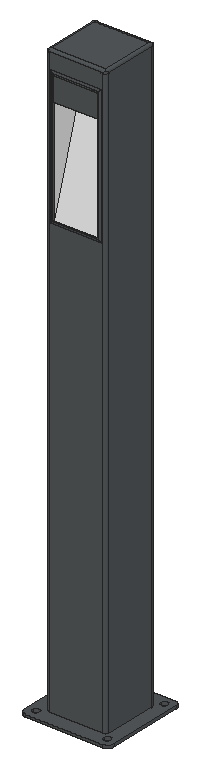
Revit family "svetilnik_alfresco_ar deko_dtu19", category Lighting Fixtures, Revit 2016 (continued)
Definition of nested family "Источник света Ар_Деко"
  Types (5, lengths in mm): name | Photometric Web File | built-in parameter 1150142
       0.0\r\n       0.0       0.0       0.0       0.0       0.0\r\n       0.0       0.0       0.0       0.0       0.0       0.1       0.1       0.1\r\n       0.2       0.2       0.2       0.2       0.2       0.2       0.2       0.2\r\n       0.2       0.2       0.2       0.2       0.2       0.2       0.2       0.2\r\n       0.2       0.2       0.2       0.2       0.2       0.2       0.2       0.2\r\n       0.2       0.2       0.2       0.2       0.2       0.2       0.2       0.2\r\n       0.2       0.2       0.2       0.2       0.2       0.2       0.2       0.2\r\n       0.2       0.2       0.2       0.2       0.2       0.2       0.2       0.2\r\n       0.2       0.2       0.2       0.2       0.2       0.2       0.2       0.2\r\n       0.2       0.2       0.2       0.2       0.2       0.2       0.2       0.2\r\n       0.2       0.2       0.2       0.2       0.2       0.2       0.2       0.2\r\n       0.2       0.2       0.2       0.2       0.2       0.2       0.2       0.2\r\n       0.2       0.2       0.2       0.2       0.2       0.2       0.2       0.2\r\n       0.2       0.2       0.2       0.2       0.2       0.2       0.2       0.2\r\n       0.2       0.2       0.2       0.2       0.2       0.2       0.2       0.2\r\n       0.2       0.2       0.2       0.2       0.2       0.2       0.2       0.2\r\n       0.2       0.2       0.2       0.2       0.2       0.2       0.2       0.2\r\n       0.2       0.2       0.2       0.2       0.2       0.2       0.2       0.2\r\n       0.2       0.2       0.2       0.2       0.2       0.2       0.2       0.2\r\n       0.2       0.2       0.2       0.2       0.2       0.2       0.2       0.2\r\n       0.2       0.2       0.2       0.2       0.2       0.2       0.2       0.2\r\n       0.2       0.2       0.2       0.2       0.2       0.2       0.2       0.2\r\n       0.1       0.1       0.1       0.1       0.1       0.1       0.0       0.0\r\n       0.0       0.0       0.0       0.0       0.0\r\n       0.0       0.0       0.0       0.0       0.1       0.1       0.1       0.1\r\n       0.2       0.2       0.2       0.2       0.2       0.2       0.2       0.2\r\n       0.2       0.2       0.2       0.2       0.2       0.2       0.2       0.2\r\n       0.2       0.2       0.2       0.2       0.2       0.2       0.2       0.2\r\n       0.2       0.2       0.2       0.2       0.2       0.2       0.2       0.2\r\n       0.2       0.2       0.2       0.2       0.2       0.2       0.2       0.2\r\n       0.2       0.2       0.2       0.2       0.2       0.2       0.2       0.2\r\n       0.2       0.2       0.2       0.2       0.2       0.2       0.2       0.2\r\n       0.2       0.2       0.2       0.2       0.2       0.2       0.2       0.2\r\n       0.2       0.2       0.2       0.2       0.2       0.2       0.2       0.2\r\n       0.2       0.2       0.2       0.2       0.2       0.2       0.2       0.2\r\n       0.2       0.2       0.2       0.2       0.2       0.2       0.2       0.2\r\n       0.2       0.2       0.2       0.2       0.2       0.2       0.2       0.2\r\n       0.2       0.2       0.2       0.2       0.2       0.2       0.2       0.2\r\n       0.2       0.2       0.2       0.2       0.2       0.2       0.2       0.2\r\n       0.2       0.2       0.2       0.2       0.2       0.2       0.2       0.2\r\n       0.2       0.2       0.2       0.2       0.2       0.2       0.2       0.2\r\n       0.2       0.2       0.2       0.2       0.2       0.2       0.2       0.2\r\n       0.2       0.2       0.2       0.2       0.2       0.2       0.2       0.2\r\n       0.2       0.2       0.2       0.2       0.2       0.2       0.2       0.2\r\n       0.2       0.2       0.2       0.2       0.2       0.2       0.2       0.2\r\n       0.1       0.1       0.1       0.1       0.1       0.1       0.0       0.0\r\n       0.0       0.0       0.0       0.0       0.0\r\n       0.0       0.0       0.0       0.0       0.1       0.1       0.1       0.1\r\n       0.2       0.2       0.2       0.2       0.2       0.2       0.2       0.2\r\n       0.2       0.2       0.2       0.2       0.2       0.2       0.2       0.2\r\n       0.2       0.2       0.2       0.2       0.2       0.2       0.2       0.2\r\n       0.2       0.2       0.2       0.2       0.2       0.2       0.2       0.2\r\n       0.2       0.2       0.2       0.2       0.2       0.2       0.2       0.2\r\n       0.2       0.2       0.2       0.2       0.2       0.2       0.2       0.2\r\n       0.2       0.2       0.2       0.2       0.2       0.2       0.2       0.2\r\n       0.2       0.2       0.2       0.2       0.2       0.2       0.2       0.2\r\n       0.2       0.2       0.2       0.2       0.2       0.2       0.2       0.2\r\n       0.2       0.2       0.2       0.2       0.2       0.2       0.2       0.2\r\n       0.2       0.2       0.2       0.2       0.2       0.2       0.2       0.2\r\n       0.2       0.2       0.2       0.2       0.2       0.2       0.2       0.2\r\n       0.2       0.2       0.2       0.2       0.2       0.2       0.2       0.2\r\n       0.2       0.2       0.2       0.2       0.2       0.2       0.2       0.2\r\n       0.2       0.2       0.2       0.2       0.2       0.2       0.2       0.2\r\n       0.2       0.2       0.2       0.2       0.2       0.2       0.2       0.2\r\n       0.2       0.2       0.2       0.2       0.2       0.2       0.2       0.2\r\n       0.2       0.2       0.2       0.2       0.2       0.2       0.2       0.2\r\n       0.2       0.2       0.2       0.2       0.2       0.2       0.2       0.2\r\n       0.2       0.2       0.2       0.2       0.2       0.2       0.2       0.2\r\n       0.2       0.2       0.1       0.1       0.1       0.1       0.0       0.0\r\n       0.0       0.0       0.0       0.0       0.0\r\n       0.0       0.0       0.0       0.0       0.1       0.1       0.1       0.1\r\n       0.2       0.2       0.2       0.2       0.2       0.2       0.2       0.2\r\n       0.2       0.2       0.2       0.2       0.2       0.2       0.2       0.2\r\n       0.2       0.2       0.2       0.2       0.2       0.2       0.2       0.2\r\n       0.2       0.2       0.2       0.2       0.2       0.2       0.2       0.2\r\n       0.2       0.2       0.2       0.2       0.2       0.2       0.2       0.2\r\n       0.2       0.2       0.2       0.2       0.2       0.2       0.2       0.2\r\n       0.2       0.2       0.2       0.2       0.2       0.2       0.2       0.2\r\n       0.2       0.2       0.2       0.2       0.2       0.2       0.2       0.2\r\n       0.2       0.2       0.2       0.2       0.2       0.2       0.2       0.2\r\n       0.2       0.2       0.2       0.2       0.2       0.2       0.2       0.2\r\n       0.2       0.2       0.2       0.2       0.2       0.2       0.2       0.2\r\n       0.2       0.2       0.2       0.2       0.2       0.2       0.2       0.2\r\n       0.2       0.2       0.2       0.2       0.2       0.2       0.2       0.2\r\n       0.2       0.2       0.2       0.2       0.2       0.2       0.2       0.2\r\n       0.2       0.2       0.2       0.2       0.2       0.2       0.2       0.2\r\n       0.2       0.2       0.2       0.2       0.2       0.2       0.2       0.2\r\n       0.2       0.2       0.2       0.2       0.2       0.2       0.2       0.2\r\n       0.2       0.2       0.2       0.2       0.2       0.2       0.2       0.2\r\n       0.2       0.2       0.2       0.2       0.2       0.2       0.2       0.2\r\n       0.2       0.2       0.2       0.2       0.2       0.2       0.2       0.2\r\n       0.2       0.2       0.1       0.1       0.1       0.1       0.0       0.0\r\n       0.0       0.0       0.0       0.0       0.0\r\n       0.0       0.0       0.0       0.1       0.1       0.1       0.1       0.1\r\n       0.2       0.2       0.2       0.2       0.2       0.2       0.2       0.2\r\n       0.2       0.2       0.2       0.2       0.2       0.2       0.2       0.2\r\n       0.2       0.2       0.2       0.2       0.2       0.2       0.2       0.2\r\n       0.2       0.2       0.2       0.2       0.2       0.2       0.2       0.2\r\n       0.2       0.2       0.2       0.2       0.2       0.2       0.2       0.2\r\n       0.2       0.2       0.2       0.2       0.2       0.2       0.2       0.2\r\n       0.2       0.2       0.2       0.2       0.2       0.2       0.2       0.2\r\n       0.2       0.2       0.2       0.2       0.2       0.2       0.2       0.2\r\n       0.2       0.2       0.2       0.2       0.2       0.2       0.2       0.2\r\n       0.2       0.2       0.2       0.2       0.2       0.2       0.2       0.2\r\n       0.2       0.2       0.2       0.2       0.2       0.2       0.2       0.2\r\n       0.2       0.2       0.2       0.2       0.2       0.2       0.2       0.2\r\n       0.2       0.2       0.2       0.2       0.2       0.2       0.2       0.2\r\n       0.2       0.2       0.2       0.2       0.2       0.2       0.2       0.2\r\n       0.2       0.2       0.2       0.2       0.2       0.2       0.2       0.2\r\n       0.2       0.2       0.2       0.2       0.2       0.2       0.2       0.2\r\n       0.2       0.2       0.2       0.2       0.2       0.2       0.2       0.2\r\n       0.2       0.2       0.2       0.2       0.2       0.2       0.2       0.2\r\n       0.2       0.2       0.2       0.2       0.2       0.2       0.2       0.2\r\n       0.2       0.2       0.2       0.2       0.2       0.2       0.2       0.2\r\n       0.2       0.2       0.1       0.1       0.1       0.1       0.0       0.0\r\n       0.0       0.0       0.0       0.0       0.0\r\n       0.0       0.0       0.0       0.1       0.1       0.1       0.1       0.1\r\n       0.2       0.2       0.2       0.2       0.2       0.2       0.2       0.2\r\n       0.2       0.2       0.2       0.2       0.2       0.2       0.2       0.2\r\n       0.2       0.2       0.2       0.2       0.2       0.2       0.2       0.2\r\n       0.2       0.2       0.2       0.2       0.2       0.2       0.2       0.2\r\n       0.2       0.2       0.2       0.2       0.2       0.2       0.2       0.2\r\n       0.2       0.2       0.2       0.2       0.2       0.2       0.2       0.2\r\n       0.2       0.2       0.2       0.2       0.2       0.2       0.2       0.2\r\n       0.2       0.2       0.2       0.2       0.2       0.2       0.2       0.2\r\n       0.2       0.2       0.2       0.2       0.2       0.2       0.2       0.2\r\n       0.2       0.2       0.2       0.2       0.2       0.2       0.2       0.2\r\n       0.2       0.2       0.2       0.2       0.2       0.2       0.2       0.2\r\n       0.2       0.2       0.2       0.2       0.2       0.2       0.2       0.2\r\n       0.2       0.2       0.2       0.2       0.2       0.2       0.2       0.2\r\n       0.2       0.2       0.2       0.2       0.2       0.2       0.2       0.2\r\n       0.2       0.2       0.2       0.2       0.2       0.2       0.2       0.2\r\n       0.2       0.2       0.2       0.2       0.2       0.2       0.2       0.2\r\n       0.2       0.2       0.2       0.2       0.2       0.2       0.2       0.2\r\n       0.2       0.2       0.2       0.2       0.2       0.2       0.2       0.2\r\n       0.2       0.2       0.2       0.2       0.2       0.2       0.2       0.2\r\n       0.2       0.2       0.2       0.2       0.2       0.2       0.2       0.2\r\n       0.2       0.2       0.1       0.1       0.1       0.1       0.0       0.0\r\n       0.0       0.0       0.0       0.0       0.0\r\n       0.0       0.0       0.0       0.1       0.1       0.1       0.1       0.1\r\n       0.2       0.2       0.2       0.2       0.2       0.2       0.2       0.2\r\n       0.2       0.2       0.2       0.2       0.2       0.2       0.2       0.2\r\n       0.2       0.2       0.2       0.2       0.2       0.2       0.2       0.2\r\n       0.2       0.2       0.2       0.2       0.2       0.2       0.2       0.2\r\n       0.2       0.2       0.2       0.2       0.2       0.2       0.2       0.2\r\n       0.2       0.2       0.2       0.2       0.2       0.2       0.2       0.2\r\n       0.2       0.2       0.2       0.2       0.2       0.2       0.2       0.2\r\n       0.2       0.2       0.2       0.2       0.2       0.2       0.2       0.2\r\n       0.2       0.2       0.2       0.2       0.2       0.2       0.2       0.2\r\n       0.2       0.2       0.2       0.2       0.2       0.2       0.2       0.2\r\n       0.2       0.2       0.2       0.2       0.2       0.2       0.2       0.2\r\n       0.2       0.2       0.2       0.2       0.2       0.2       0.2       0.2\r\n       0.2       0.2       0.2       0.2       0.2       0.2       0.2       0.2\r\n       0.2       0.2       0.2       0.2       0.2       0.2       0.2       0.2\r\n       0.2       0.2       0.2       0.2       0.2       0.2       0.2       0.2\r\n       0.2       0.2       0.2       0.2       0.2       0.2       0.2       0.2\r\n       0.2       0.2       0.2       0.2       0.2       0.2       0.2       0.2\r\n       0.2       0.2       0.2       0.2       0.2       0.2       0.2       0.2\r\n       0.2       0.2       0.2       0.2       0.2       0.2       0.2       0.2\r\n       0.2       0.2       0.2       0.2       0.2       0.2       0.2       0.2\r\n       0.2       0.2       0.1       0.1       0.1       0.1       0.0       0.0\r\n       0.0       0.0       0.0       0.0       0.0\r\n       0.0       0.0       0.0       0.1       0.1       0.1       0.1       0.1\r\n       0.2       0.2       0.2       0.2       0.2       0.2       0.2       0.2\r\n       0.2       0.2       0.2       0.2       0.2       0.2       0.2       0.2\r\n       0.3       0.3       0.2       0.2       0.2       0.2       0.2       0.2\r\n       0.2       0.2       0.2       0.2       0.2       0.2       0.2       0.2\r\n       0.2       0.2       0.2       0.2       0.2       0.2       0.2       0.2\r\n       0.2       0.2       0.2       0.2       0.2       0.2       0.2       0.2\r\n       0.2       0.2       0.2       0.2       0.2       0.2       0.2       0.2\r\n       0.2       0.2       0.2       0.2       0.2       0.2       0.2       0.2\r\n       0.2       0.2       0.2       0.2       0.2       0.2       0.2       0.2\r\n       0.2       0.2       0.2       0.2       0.2       0.2       0.2       0.2\r\n       0.2       0.2       0.2       0.2       0.2       0.2       0.2       0.2\r\n       0.2       0.2       0.2       0.2       0.2       0.2       0.2       0.2\r\n       0.2       0.2       0.2       0.2       0.2       0.2       0.2       0.2\r\n       0.2       0.2       0.2       0.2       0.2       0.2       0.2       0.2\r\n       0.2       0.2       0.2       0.2       0.2       0.2       0.2       0.2\r\n       0.2       0.2       0.2       0.2       0.2       0.2       0.2       0.2\r\n       0.2       0.2       0.2       0.2       0.2       0.2       0.2       0.2\r\n       0.2       0.2       0.2       0.2       0.2       0.2       0.2       0.2\r\n       0.2       0.2       0.2       0.2       0.2       0.2       0.2       0.2\r\n       0.2       0.2       0.2       0.2       0.2       0.2       0.2       0.2\r\n       0.2       0.2       0.2       0.1       0.1       0.1       0.0       0.0\r\n       0.0       0.0       0.0       0.0       0.0\r\n       0.0       0.0       0.0       0.1       0.1       0.1       0.1       0.1\r\n       0.2       0.2       0.2       0.2       0.2       0.2       0.2       0.2\r\n       0.2       0.2       0.2       0.2       0.2       0.2       0.2       0.2\r\n       0.3       0.3       0.2       0.2       0.2       0.2       0.2       0.2\r\n       0.2       0.2       0.2       0.2       0.2       0.2       0.2       0.2\r\n       0.2       0.2       0.2       0.2       0.2       0.2       0.2       0.2\r\n       0.2       0.2       0.2       0.2       0.2       0.2       0.2       0.2\r\n       0.2       0.2       0.2       0.2       0.2       0.2       0.2       0.2\r\n       0.2       0.2       0.2       0.2       0.2       0.2       0.2       0.2\r\n       0.2       0.2       0.2       0.2       0.2       0.2       0.2       0.2\r\n       0.2       0.2       0.2       0.2       0.2       0.2       0.2       0.2\r\n       0.2       0.2       0.2       0.2       0.2       0.2       0.2       0.2\r\n       0.2       0.2       0.2       0.2       0.2       0.2       0.2       0.2\r\n       0.2       0.2       0
      .2       0.2       0.2       0.2       0.2       0.2\r\n       0.2       0.2       0.2       0.2       0.2       0.2       0.2       0.2\r\n       0.2       0.2       0.2       0.2       0.2       0.2       0.2       0.2\r\n       0.2       0.2       0.2       0.2       0.2       0.2       0.2       0.2\r\n       0.2       0.2       0.2       0.2       0.2       0.2       0.2       0.2\r\n       0.2       0.2       0.2       0.2       0.2       0.2       0.2       0.2\r\n       0.2       0.2       0.2       0.2       0.2       0.2       0.2       0.2\r\n       0.2       0.2       0.2       0.2       0.2       0.2       0.2       0.2\r\n       0.2       0.2       0.2       0.1       0.1       0.1       0.0       0.0\r\n       0.0       0.0       0.0       0.0       0.0\r\n       0.0       0.0       0.0       0.1       0.1       0.1       0.1       0.1\r\n       0.2       0.2       0.2       0.2       0.2       0.2       0.2       0.2\r\n       0.2       0.2       0.2       0.2       0.2       0.2       0.2       0.2\r\n       0.2       0.2       0.2       0.2       0.2       0.2       0.2       0.2\r\n       0.2       0.2       0.2       0.2       0.2       0.2       0.2       0.2\r\n       0.2       0.2       0.2       0.2       0.2       0.2       0.2       0.2\r\n       0.2       0.2       0.2       0.2       0.2       0.2       0.2       0.2\r\n       0.2       0.2       0.2       0.2       0.2       0.2       0.2       0.2\r\n       0.2       0.2       0.2       0.2       0.2       0.2       0.2       0.2\r\n       0.2       0.2       0.2       0.2       0.2       0.2       0.2       0.2\r\n       0.2       0.2       0.2       0.2       0.2       0.2       0.2       0.2\r\n       0.2       0.2       0.2       0.2       0.2       0.2       0.2       0.2\r\n       0.2       0.2       0.2       0.2       0.2       0.2       0.2       0.2\r\n       0.2       0.2       0.2       0.2       0.2       0.2       0.2       0.2\r\n       0.2       0.2       0.2       0.2       0.2       0.2       0.2       0.2\r\n       0.2       0.2       0.2       0.2       0.2       0.2       0.2       0.2\r\n       0.2       0.2       0.2       0.2       0.2       0.2       0.2       0.2\r\n       0.2       0.2       0.2       0.2       0.2       0.2       0.2       0.2\r\n       0.2       0.2       0.2       0.2       0.2       0.2       0.2       0.2\r\n       0.2       0.2       0.2       0.2       0.2       0.2       0.2       0.2\r\n       0.2       0.2       0.2       0.2       0.2       0.2       0.2       0.2\r\n       0.2       0.2       0.2       0.1       0.1       0.1       0.0       0.0\r\n       0.0       0.0       0.0       0.0       0.0\r\n       0.0       0.0       0.0       0.1       0.1       0.1       0.1       0.1\r\n       0.2       0.2       0.2       0.2       0.2       0.2       0.2       0.2\r\n       0.2       0.2       0.2       0.2       0.2       0.2       0.2       0.2\r\n       0.2       0.2       0.2       0.2       0.2       0.2       0.2       0.2\r\n       0.2       0.2       0.2       0.2       0.2       0.2       0.2       0.2\r\n       0.2       0.2       0.2       0.2       0.2       0.2       0.2       0.2\r\n       0.2       0.2       0.2       0.2       0.2       0.2       0.2       0.2\r\n       0.2       0.2       0.2       0.2       0.2       0.2       0.2       0.2\r\n       0.2       0.2       0.2       0.2       0.2       0.2       0.2       0.2\r\n       0.2       0.2       0.3       0.3       0.2       0.2       0.2       0.2\r\n       0.2       0.2       0.2       0.2       0.2       0.2       0.2       0.2\r\n       0.2       0.2       0.2       0.2       0.2       0.2       0.2       0.2\r\n       0.2       0.2       0.2       0.2       0.2       0.2       0.2       0.2\r\n       0.2       0.2       0.2       0.2       0.2       0.2       0.2       0.2\r\n       0.2       0.2       0.2       0.2       0.2       0.2       0.2       0.2\r\n       0.2       0.2       0.2       0.2       0.2       0.2       0.2       0.2\r\n       0.2       0.2       0.2       0.2       0.2       0.2       0.2       0.2\r\n       0.2       0.2       0.2       0.2       0.2       0.2       0.2       0.2\r\n       0.2       0.2       0.2       0.2       0.2       0.2       0.2       0.2\r\n       0.2       0.2       0.2       0.2       0.2       0.2       0.2       0.2\r\n       0.2       0.2       0.2       0.2       0.2       0.2       0.2       0.2\r\n       0.2       0.2       0.2       0.1       0.1       0.1       0.0       0.0\r\n       0.0       0.0       0.0       0.0       0.0\r\n       0.0       0.0       0.0       0.1       0.1       0.1       0.1       0.1\r\n       0.2       0.2       0.2       0.2       0.2       0.2       0.2       0.2\r\n       0.2       0.2       0.2       0.2       0.2       0.2       0.2       0.2\r\n       0.2       0.2       0.2       0.2       0.2       0.2       0.2       0.2\r\n       0.2       0.2       0.2       0.2       0.2       0.2       0.2       0.2\r\n       0.2       0.2       0.2       0.2       0.2       0.2       0.2       0.2\r\n       0.2       0.2       0.2       0.2       0.2       0.2       0.2       0.2\r\n       0.2       0.2       0.2       0.2       0.2       0.2       0.2       0.2\r\n       0.2       0.2       0.2       0.2       0.2       0.2       0.2       0.2\r\n       0.2       0.2       0.2       0.2       0.2       0.2       0.2       0.2\r\n       0.2       0.2       0.2       0.2       0.2       0.2       0.2       0.2\r\n       0.2       0.2       0.2       0.2       0.2       0.2       0.2       0.2\r\n       0.2       0.2       0.2       0.2       0.2       0.2       0.2       0.2\r\n       0.2       0.2       0.2       0.2       0.2       0.2       0.2       0.2\r\n       0.2       0.2       0.2       0.2       0.2       0.2       0.2       0.2\r\n       0.2       0.2       0.2       0.2       0.2       0.2       0.2       0.2\r\n       0.2       0.2       0.2       0.2       0.2       0.2       0.2       0.2\r\n       0.2       0.2       0.2       0.2       0.2       0.2       0.2       0.2\r\n       0.2       0.2       0.2       0.2       0.2       0.2       0.2       0.2\r\n       0.2       0.2       0.2       0.2       0.2       0.2       0.2       0.2\r\n       0.2       0.2       0.2       0.2       0.2       0.2       0.2       0.2\r\n       0.2       0.2       0.2       0.1       0.1       0.1       0.0       0.0\r\n       0.0       0.0       0.0       0.0       0.0\r\n       0.0       0.0       0.1       0.1       0.1       0.1       0.1       0.1\r\n       0.2       0.2       0.2       0.2       0.2       0.2       0.2       0.2\r\n       0.2       0.2       0.2       0.2       0.2       0.2       0.2       0.2\r\n       0.2       0.2       0.2       0.2       0.2       0.2       0.2       0.2\r\n       0.2       0.2       0.2       0.2       0.2       0.2       0.2       0.2\r\n       0.2       0.2       0.2       0.2       0.2       0.2       0.2       0.2\r\n       0.2       0.2       0.2       0.2       0.2       0.2       0.2       0.2\r\n       0.2       0.2       0.2       0.2       0.2       0.2       0.2       0.2\r\n       0.2       0.2       0.2       0.2       0.2       0.2       0.2       0.2\r\n       0.2       0.2       0.2       0.2       0.2       0.2       0.2       0.2\r\n       0.2       0.2       0.2       0.2       0.2       0.2       0.2       0.2\r\n       0.2       0.2       0.2       0.2       0.2       0.2       0.2       0.2\r\n       0.2       0.2       0.2       0.2       0.2       0.2       0.2       0.2\r\n       0.2       0.2       0.2       0.2       0.2       0.2       0.2       0.2\r\n       0.2       0.2       0.2       0.2       0.2       0.2       0.2       0.2\r\n       0.2       0.2       0.2       0.2       0.2       0.2       0.2       0.2\r\n       0.2       0.2       0.2       0.2       0.2       0.2       0.2       0.2\r\n       0.2       0.2       0.2       0.2       0.2       0.2       0.2       0.2\r\n       0.2       0.2       0.2       0.2       0.2       0.2       0.2       0.2\r\n       0.2       0.2       0.2       0.2       0.2       0.2       0.2       0.2\r\n       0.2       0.2       0.2       0.2       0.2       0.2       0.2       0.2\r\n       0.2       0.2       0.2       0.1       0.1       0.1       0.0       0.0\r\n       0.0       0.0       0.0       0.0       0.0\r\n       0.0       0.0       0.1       0.1       0.1       0.1       0.1       0.1\r\n       0.2       0.2       0.2       0.2       0.2       0.2       0.2       0.2\r\n       0.2       0.2       0.2       0.2       0.2       0.2       0.2       0.2\r\n       0.2       0.2       0.2       0.2       0.2       0.2       0.2       0.2\r\n       0.2       0.2       0.2       0.2       0.2       0.2       0.2       0.2\r\n       0.2       0.2       0.2       0.2       0.2       0.2       0.2       0.2\r\n       0.2       0.2       0.2       0.2       0.2       0.2       0.2       0.2\r\n       0.2       0.2       0.2       0.2       0.2       0.2       0.2       0.2\r\n       0.2       0.2       0.2       0.2       0.2       0.2       0.2       0.2\r\n       0.2       0.2       0.2       0.2       0.2       0.2       0.2       0.2\r\n       0.2       0.2       0.2       0.2       0.2       0.2       0.2       0.2\r\n       0.2       0.2       0.2       0.2       0.2       0.2       0.2       0.2\r\n       0.2       0.2       0.2       0.2       0.2       0.2       0.2       0.2\r\n       0.2       0.2       0.2       0.2       0.2       0.2       0.2       0.2\r\n       0.2       0.2       0.2       0.2       0.2       0.2       0.2       0.2\r\n       0.2       0.2       0.2       0.2       0.2       0.2       0.2       0.2\r\n       0.2       0.2       0.2       0.2       0.2       0.2       0.2       0.2\r\n       0.2       0.2       0.2       0.2       0.2       0.2       0.2       0.2\r\n       0.2       0.2       0.2       0.2       0.2       0.2       0.2       0.2\r\n       0.2       0.2       0.2       0.2       0.2       0.2       0.2       0.2\r\n       0.2       0.2       0.2       0.2       0.2       0.2       0.2       0.2\r\n       0.2       0.2       0.2       0.1       0.1       0.1       0.0       0.0\r\n       0.0       0.0       0.0       0.0       0.0\r\n       0.0       0.0       0.1       0.1       0.1       0.1       0.1       0.1\r\n       0.2       0.2       0.2       0.2       0.2       0.2       0.2       0.2\r\n       0.2       0.2       0.2       0.2       0.2       0.2       0.2       0.2\r\n       0.2       0.2       0.2       0.2       0.2       0.2       0.2       0.2\r\n       0.2       0.2       0.2       0.2       0.2       0.2       0.2       0.2\r\n       0.2       0.2       0.2       0.2       0.2       0.2       0.2       0.2\r\n       0.2       0.2       0.2       0.2       0.2       0.2       0.2       0.2\r\n       0.2       0.2       0.2       0.2       0.2       0.2       0.2       0.2\r\n       0.2       0.2       0.2       0.2       0.2       0.2       0.2       0.2\r\n       0.2       0.2       0.2       0.2       0.2       0.2       0.2       0.2\r\n       0.2       0.2       0.2       0.2       0.2       0.2       0.2       0.2\r\n       0.2       0.2       0.2       0.2       0.3       0.2       0.2       0.2\r\n       0.2       0.2       0.2       0.2       0.2       0.3       0.2       0.2\r\n       0.2       0.2       0.2       0.2       0.2       0.2       0.2       0.2\r\n       0.2       0.2       0.2       0.2       0.2       0.2       0.2       0.2\r\n       0.2       0.2       0.2       0.2       0.2       0.2       0.2       0.2\r\n       0.2       0.2       0.2       0.2       0.2       0.2       0.2       0.2\r\n       0.2       0.2       0.2       0.2       0.2       0.2       0.2       0.2\r\n       0.2       0.2       0.2       0.2       0.2       0.2       0.2       0.2\r\n       0.2       0.2       0.2       0.2       0.2       0.2       0.2       0.2\r\n       0.2       0.2       0.2       0.2       0.2       0.2       0.2       0.2\r\n       0.2       0.2       0.2       0.1       0.1       0.1       0.0       0.0\r\n       0.0       0.0       0.0       0.0       0.0\r\n       0.0       0.0       0.1       0.1       0.1       0.1       0.1       0.1\r\n       0.2       0.2       0.2       0.2       0.2       0.2       0.2       0.2\r\n       0.2       0.2       0.2       0.2       0.2       0.2       0.2       0.2\r\n       0.2       0.2       0.2       0.2       0.2       0.2       0.2       0.2\r\n       0.2       0.2       0.2       0.2       0.2       0.2       0.2       0.2\r\n       0.3       0.3       0.2       0.2       0.2       0.2       0.2       0.2\r\n       0.2       0.2       0.2       0.2       0.2       0.2       0.2       0.2\r\n       0.2       0.2       0.2       0.2       0.2       0.2       0.2       0.2\r\n       0.2       0.2       0.2       0.2       0.2       0.2       0.2       0.2\r\n       0.2       0.2       0.2       0.2       0.2       0.2       0.2       0.2\r\n       0.2       0.2       0.2       0.2       0.2       0.2       0.2       0.2\r\n       0.2       0.2       0.2       0.2       0.2       0.2       0.2       0.2\r\n       0.2       0.2       0.2       0.2       0.2       0.2       0.2       0.2\r\n       0.2       0.2       0.2       0.2       0.2       0.2       0.2       0.2\r\n       0.2       0.2       0.2       0.2       0.2       0.2       0.2       0.2\r\n       0.2       0.2       0.2       0.2       0.2       0.2       0.2       0.2\r\n       0.2       0.2       0.2       0.2       0.2       0.2       0.2       0.2\r\n       0.2       0.2       0.2       0.2       0.2       0.2       0.2       0.2\r\n       0.2       0.2       0.2       0.2       0.2       0.2       0.2       0.2\r\n       0.2       0.2       0.2       0.2       0.2       0.2       0.2       0.2\r\n       0.2       0.2       0.2       0.2       0.2       0.2       0.2       0.2\r\n       0.2       0.2       0.2       0.1       0.1       0.1       0.0       0.0\r\n       0.0       0.0       0.0       0.0       0.0\r\n       0.0       0.0       0.1       0.1       0.1       0.1       0.1       0.1\r\n       0.2       0.2       0.2       0.2       0.2       0.2       0.2       0.2\r\n       0.2       0.2       0.2       0.2       0.2       0.2       0.2       0.2\r\n       0.2       0.2       0.2       0.2       0.2       0.2       0.2       0.2\r\n       0.2       0.2       0.2       0.2       0.2       0.2       0.2       0.2\r\n       0.3       0.3       0.2       0.2       0.2       0.2       0.2       0.2\r\n       0.2       0.2       0.2       0.2       0.2       0.2       0.2       0.2\r\n       0.2       0.2       0.2       0.2       0.2       0.2       0.2       0.2\r\n       0.2       0.2       0.2       0.2       0.2       0.2       0.2       0.2\r\n       0.2       0.2       0.2       0.2       0.2       0.2       0.2       0.2\r\n       0.2       0.2       0.2       0.2       0.2       0.2       0.2       0.2\r\n       0.2       0.2       0.2       0.2       0.2       0.2       0.2       0.2\r\n       0.2       0.2       0.2       0.2       0.2       0.2       0.2       0.2\r\n       0.2       0.2       0.2       0.2       0.2       0.2       0.2       0.2\r\n       0.2       0.2       0.2       0.2       0.2       0.2       0.2       0.2\r\n       0.2       0.2       0.2       0.2       0.2       0.2       0.2       0.2\r\n       0.2       0.2       0.2       0.2       0.2       0.2       0.2       0.2\r\n       0.2       0.2       0.2       0.2       0.2       0.2       0.2       0.2\r\n       0.2       0.2       0.2       0.2       0.2       0.2       0.2       0.2\r\n       0.2       0.2       0.2       0.2       0.2       0.2       0.2       0.2\r\n       0.2       0.2       0.2       0.2       0.2       0.2       0.2       0.2\r\n       0.2       0.2       0.2       0.1       0.1       0.1       0.0       0.0\r\n       0.0       0.0       0.0       0.0       0.0\r\n       0.0       0.0       0.1       0.1       0.1       0.1       0.1       0.1\r\n       0.2       0.2       0.2       0.2       0.2       0.2       0.2       0.2\r\n       0.2       0.2       0.2       0.2       0.2       0.2       0.2       0.2\r\n       0.2       0.2       0.2       0.2       0.2       0.2       0.2       0.2\r\n       0.2       0.2       0.2       0.2       0.2       0.2  
